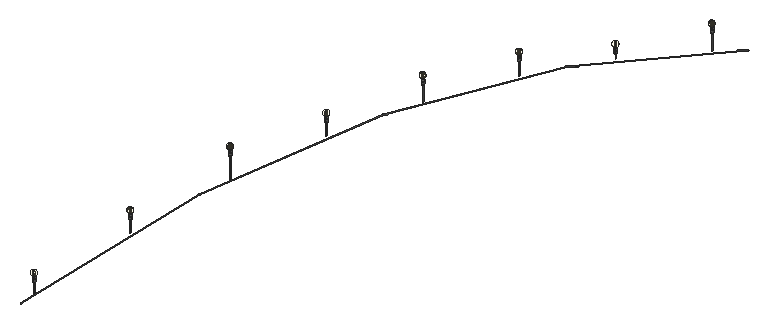
Revit family "String Lights", category Lighting Fixtures, host Face, Revit 2018
Family settings
  Host = Face
  Round Connector Dimension = Use Diameter
  Part Type = Normal
  Cut with Voids When Loaded = No
  Light Source = No
  Shared = No
  Room Calculation Point = No
Parameters
  String = Steel Lamp Post
  Length = 25' - 2 3/4"
  Fixture = Steel Lamp Post
  Fillament = FC - Fillament
  Default Elevation = 4' - 0"
  Bulb = FC - String Light Bulb
Reference planes (in)
  plane 1 "Center (Front/Back)": y = 0
  plane 2: z = 0
  plane 3 "Center (Left/Right)": x = 0
  plane 4: through (23.33047, 150.78544, 48) normal (0.2756, 0.9613, 0)
  plane 5: y = -151.375
  plane 6: z = 24
  plane 7: z = 33
  plane 8: y = 151.375
Forms (in)
  Sweep 1, solid, material "Steel Lamp Post" <- "String"
    path origin (41.7354, 145.54831, 0) x (0.275637, 0.961262, 0) y (0, 0, 1)
      loop
        arc (152.75, 0) -> (0.6875, 24.42941) -> (-151.375, 0) r 485.47629
    profile origin (41.9249, 146.20917, 24.42941) x (0, 0, -1) y (0.961262, -0.275637, 0)
      loop
        circle (0, 0) r 0.125
  Extrusion 2, solid, material "Steel Lamp Post" <- "String"
    sketch origin (1.65391, 5.76756, 0) x (0.961262, -0.275637, 0) y (0.275637, 0.961262, 0)
      loop
        circle (0, -0.25419) r 0.125
    from 1.79449 to 6.29177
  Extrusion 3, solid, material "Steel Lamp Post" <- "String"
    sketch origin (79.38365, 276.84336, 0) x (0.961262, -0.275637, 0) y (0.275637, 0.961262, 0)
      loop
        circle (0, 1.12081) r 0.125
    from 4.69981 to 11.66891
  Extrusion 4, solid, material "Steel Lamp Post" <- "String"
    sketch origin (12.75816, 44.49267, 0) x (0.961262, -0.275637, 0) y (0.275637, 0.961262, 0)
      loop
        circle (0, -0.25419) r 0.125
    from 12.69904 to 17.69909
  Extrusion 5, solid, material "Steel Lamp Post" <- "String"
    sketch origin (23.86241, 83.21779, 0) x (0.961262, -0.275637, 0) y (0.275637, 0.961262, 0)
      loop
        circle (0, 1.12081) r 0.125
    from 20.14016 to 29.11428
  Extrusion 6, solid, material "Steel Lamp Post" <- "String"
    sketch origin (34.96666, 121.9429, 0) x (0.961262, -0.275637, 0) y (0.275637, 0.961262, 0)
      loop
        circle (0, 1.12081) r 0.125
    from 23.83033 to 29.1085
  Extrusion 7, solid, material "Steel Lamp Post" <- "String"
    sketch origin (46.0709, 160.66801, 0) x (0.961262, -0.275637, 0) y (0.275637, 0.961262, 0)
      loop
        circle (0, 1.12081) r 0.125
    from 24.16101 to 30.76866
  Extrusion 8, solid, material "Steel Lamp Post" <- "String"
    sketch origin (57.17515, 199.39313, 0) x (0.961262, -0.275637, 0) y (0.275637, 0.961262, 0)
      loop
        circle (0, 1.12081) r 0.125
    from 21.13511 to 26.79816
  Extrusion 9, solid, material "Steel Lamp Post" <- "String"
    sketch origin (68.2794, 238.11824, 0) x (0.961262, -0.275637, 0) y (0.275637, 0.961262, 0)
      loop
        circle (0, 1.12081) r 0.125
    from 14.69873 to 16.70222
  Sweep 10, solid, material "Steel Lamp Post" <- "String", not visible
    path origin (0, 151.41383, 0) x (0, 1, 0) y (0, 0, 1)
      loop
        arc (152.75, 0) -> (0.6875, 24.42941) -> (-151.375, 0) r 485.47629
    profile origin (0, 152.10133, 24.42941) x (0, 0, -1) y (1, 0, 0)
      loop
        circle (0, 0) r 0.125
  Extrusion 11, solid, material "Steel Lamp Post" <- "String", not visible
    sketch origin (0, 6, 0) x (1, 0, 0) y (0, 1, 0)
      loop
        circle (0, -0.25419) r 0.125
    from 1.79449 to 6.29177
  Extrusion 12, solid, material "Steel Lamp Post" <- "String", not visible
    sketch origin (0, 288, 0) x (1, 0, 0) y (0, 1, 0)
      loop
        circle (0, 1.12081) r 0.125
    from 4.69981 to 11.66891
  Extrusion 13, solid, material "Steel Lamp Post" <- "String", not visible
    sketch origin (0, 46.28571, 0) x (1, 0, 0) y (0, 1, 0)
      loop
        circle (0, -0.25419) r 0.125
    from 12.69904 to 17.69909
  Extrusion 14, solid, material "Steel Lamp Post" <- "String", not visible
    sketch origin (0, 86.57143, 0) x (1, 0, 0) y (0, 1, 0)
      loop
        circle (0, 1.12081) r 0.125
    from 20.14016 to 29.11428
  Extrusion 15, solid, material "Steel Lamp Post" <- "String", not visible
    sketch origin (0, 126.85714, 0) x (1, 0, 0) y (0, 1, 0)
      loop
        circle (0, 1.12081) r 0.125
    from 23.83033 to 29.1085
  Extrusion 16, solid, material "Steel Lamp Post" <- "String", not visible
    sketch origin (0, 167.14286, 0) x (1, 0, 0) y (0, 1, 0)
      loop
        circle (0, 1.12081) r 0.125
    from 24.16101 to 30.76866
  Extrusion 17, solid, material "Steel Lamp Post" <- "String", not visible
    sketch origin (0, 207.42857, 0) x (1, 0, 0) y (0, 1, 0)
      loop
        circle (0, 1.12081) r 0.125
    from 21.13511 to 26.79816
  Extrusion 18, solid, material "Steel Lamp Post" <- "String", not visible
    sketch origin (0, 247.71429, 0) x (1, 0, 0) y (0, 1, 0)
      loop
        circle (0, 1.12081) r 0.125
    from 14.69873 to 16.70222
Dimensions and locks (in)
  plane 5 to plane 1 "Center (Front/Back)" = 12' - 7 3/8"
  aligned and locked: plane 2 to host face
  aligned and locked: level to host face
Nested families (in)
  nested 1: "String Bulb" at (1.58385, 5.52322, 6.29177) x (0.7765, 0.6301, 0) z (0, 0, 1), type "String Bulb"
  nested 2: "String Bulb" at (12.6881, 44.24833, 17.69909) x (0.1908, -0.9816, 0) z (0, 0, 1), type "String Bulb"
  nested 3: "String Bulb" at (24.17135, 84.29518, 29.11428) x (0.9613, -0.2756, 0) z (0, 0, 1), type "String Bulb"
  nested 4: "String Bulb" at (35.27725, 123.01982, 29.1085) x (-0.9613, -0.2756, 0) z (0, 0, 1), type "String Bulb"
  nested 5: "String Bulb" at (46.37984, 161.74541, 30.76866) x (-0.9336, 0.3584, 0) z (0, 0, 1), type "String Bulb"
  nested 6: "String Bulb" at (57.48409, 200.47052, 26.79816) x (0.2924, -0.9563, 0) z (0, 0, 1), type "String Bulb"
  nested 7: "String Bulb" at (68.58834, 239.19564, 16.70222) x (0.7986, 0.6018, 0) z (0, 0, 1), type "String Bulb"
  nested 8: "String Bulb" at (79.69258, 277.92075, 11.66891) x (-0.9659, 0.2588, 0) z (0, 0, 1), type "String Bulb"
  nested 9: "String Bulb" at (0, 5.74581, 6.29177), type "String Bulb", not visible
  nested 10: "String Bulb" at (0, 46.03153, 17.69909), type "String Bulb", not visible
  nested 11: "String Bulb" at (0.00001, 87.69224, 29.11428), type "String Bulb", not visible
  nested 12: "String Bulb" at (0.00173, 127.97796, 29.1085), type "String Bulb", not visible
  nested 13: "String Bulb" at (0, 168.26367, 30.76866), type "String Bulb", not visible
  nested 14: "String Bulb" at (0, 208.54939, 26.79816), type "String Bulb", not visible
  nested 15: "String Bulb" at (0, 248.8351, 16.70222), type "String Bulb", not visible
  nested 16: "String Bulb" at (0, 289.12081, 11.66891), type "String Bulb", not visible
  nested 17: "Studio Light" at (1.54373, 5.52322, -85.95284), type "120V"
  nested 18: "Studio Light" at (12.6881, 44.24833, -74.54552), type "120V"
  nested 19: "Studio Light" at (24.17135, 84.29518, -63.13032), type "120V"
  nested 20: "Studio Light" at (35.27725, 123.01982, -63.13032), type "120V"
  nested 21: "Studio Light" at (46.37984, 161.74541, -61.47595), type "120V"
  nested 22: "Studio Light" at (57.48409, 200.47052, -65.44645), type "120V"
  nested 23: "Studio Light" at (68.58834, 239.19564, -75.54239), type "120V"
  nested 24: "Studio Light" at (79.69258, 277.92075, -80.5757), type "120V"
Definition of nested family "String Bulb"
  Parameters (values of type "String Bulb")
    Fixture = none
    Fillament = none
    Default Elevation = 4' - 0"
    Bulb = none
  Reference planes (in)
    plane 1 "Center (Front/Back)": y = 0
    plane 2: z = 0
    plane 3 "Center (Left/Right)": x = 0
    plane 4: z = 3.75539
    plane 5: y = 0
  Forms (in)
    Extrusion 1, solid
      sketch origin (0, 0, 0) x (1, 0, 0) y (0, 1, 0)
        loop
          line (-48, 48) -> (-48, -48) -> (48, -48) -> (48, 48) -> (-48, 48)
      from 0 to -12
    Revolve 2, solid, material <- "Fixture"
      sketch origin (0, 0, 0) x (0, 1, 0) y (0, 0, 1)
        loop
          line (0, 0) -> (0, 2) -> (-0.5, 2)
          arc (-0.5, 2) -> (-0.5309, 1.96045) -> (-0.5, 1.92089) r 0.04077
          line (-0.5, 1.92089) -> (-0.5, 1.78955)
          arc (-0.5, 1.78955) -> (-0.4691, 1.75) -> (-0.5, 1.71045) r 0.04077
          line (-0.5, 1.71045) -> (-0.5, 1.53955)
          arc (-0.5, 1.53955) -> (-0.4691, 1.5) -> (-0.5, 1.46045) r 0.04077
          line (-0.5, 1.46045) -> (-0.5, 0.5)
          arc (-0.5, 0.5) -> (-0.39583, 0.1875) -> (-0.125, 0) r 0.52083
          line (-0.125, 0) -> (0, 0)
        axis (0, 2) -> (0, 0)
      angle from 0 to 360
    Revolve 3, solid, material <- "Bulb"
      sketch origin (0, 0, 0) x (0, 1, 0) y (0, 0, 1)
        loop
          line (-0.41518, 2) -> (-0.38393, 2) -> (-0.38393, 2.29565)
          arc (-0.38393, 2.29565) -> (-0.41677, 2.41743) -> (-0.50638, 2.50619) r 0.24224
          arc (-0.50638, 2.50619) -> (-1.2138, 3.72453) -> (-0.2993, 4.7962) r 1.21875
          arc (-0.2993, 4.7962) -> (-0.14045, 4.8625) -> (0, 4.96201) r 0.78039
          line (0, 4.96201) -> (0, 5.00454)
          arc (0, 5.00454) -> (-0.14305, 4.89694) -> (-0.30754, 4.82634) r 0.74914
          arc (-0.30754, 4.82634) -> (-1.24488, 3.72777) -> (-0.52067, 2.47837) r 1.25
          arc (-0.52067, 2.47837) -> (-0.44345, 2.40114) -> (-0.41518, 2.29565) r 0.21099
          line (-0.41518, 2.29565) -> (-0.41518, 2)
        axis (0, 5.00454) -> (0, 2)
      angle from 0 to 360
    Extrusion 4, solid, material <- "Fillament"
      sketch origin (0, 0, 0) x (0, -1, 0) y (0, 0, -1)
        loop
          line (-0.12453, -4.5) -> (-0.11427, -4.47048)
          arc (-0.11427, -4.47048) -> (-0.39114, -4.26281) -> (-0.49642, -3.93311) r 0.5689
          arc (-0.49642, -3.93311) -> (-0.42244, -3.09319) -> (-0.20279, -2.27914) r 4.8051
          line (-0.20279, -2.27914) -> (-0.23213, -2.26838)
          arc (-0.23213, -2.26838) -> (-0.45321, -3.08773) -> (-0.52767, -3.93311) r 4.83635
          arc (-0.52767, -3.93311) -> (-0.41661, -4.28092) -> (-0.12453, -4.5) r 0.60015
      from -0.01562 to 0.01562
    Extrusion 5, solid, material <- "Fillament"
      sketch origin (0, 0, 0) x (0, 1, 0) y (0, 0, -1)
        loop
          line (-0.12453, -4.5) -> (-0.11427, -4.47048)
          arc (-0.11427, -4.47048) -> (-0.39114, -4.26281) -> (-0.49642, -3.93311) r 0.5689
          arc (-0.49642, -3.93311) -> (-0.42244, -3.09319) -> (-0.20279, -2.27914) r 4.8051
          line (-0.20279, -2.27914) -> (-0.23213, -2.26838)
          arc (-0.23213, -2.26838) -> (-0.45321, -3.08773) -> (-0.52767, -3.93311) r 4.83635
          arc (-0.52767, -3.93311) -> (-0.41661, -4.28092) -> (-0.12453, -4.5) r 0.60015
      from -0.01562 to 0.01562
    Extrusion 6, solid, material <- "Fillament"
      sketch origin (0, 0, 0) x (-0.866025, -0.5, 0) y (0, 0, -1)
        loop
          line (-0.12453, -4.5) -> (-0.11427, -4.47048)
          arc (-0.11427, -4.47048) -> (-0.39114, -4.26281) -> (-0.49642, -3.93311) r 0.5689
          arc (-0.49642, -3.93311) -> (-0.42244, -3.09319) -> (-0.20279, -2.27914) r 4.8051
          line (-0.20279, -2.27914) -> (-0.23213, -2.26838)
          arc (-0.23213, -2.26838) -> (-0.45321, -3.08773) -> (-0.52767, -3.93311) r 4.83635
          arc (-0.52767, -3.93311) -> (-0.41661, -4.28092) -> (-0.12453, -4.5) r 0.60015
      from -0.01562 to 0.01562
    Extrusion 7, solid, material <- "Fillament"
      sketch origin (0, 0, 0) x (-0.866025, 0.5, 0) y (0, 0, -1)
        loop
          line (-0.12453, -4.5) -> (-0.11427, -4.47048)
          arc (-0.11427, -4.47048) -> (-0.39114, -4.26281) -> (-0.49642, -3.93311) r 0.5689
          arc (-0.49642, -3.93311) -> (-0.42244, -3.09319) -> (-0.20279, -2.27914) r 4.8051
          line (-0.20279, -2.27914) -> (-0.23213, -2.26838)
          arc (-0.23213, -2.26838) -> (-0.45321, -3.08773) -> (-0.52767, -3.93311) r 4.83635
          arc (-0.52767, -3.93311) -> (-0.41661, -4.28092) -> (-0.12453, -4.5) r 0.60015
      from -0.01562 to 0.01562
    Extrusion 8, solid, material <- "Fillament"
      sketch origin (0, 0, 0) x (0.866025, -0.5, 0) y (0, 0, 1)
        loop
          arc (-0.12453, 4.5) -> (-0.41661, 4.28092) -> (-0.52767, 3.93311) r 0.60015
          arc (-0.52767, 3.93311) -> (-0.45321, 3.08773) -> (-0.23213, 2.26838) r 4.83635
          line (-0.23213, 2.26838) -> (-0.20279, 2.27914)
          arc (-0.20279, 2.27914) -> (-0.42244, 3.09319) -> (-0.49642, 3.93311) r 4.8051
          arc (-0.49642, 3.93311) -> (-0.39114, 4.26281) -> (-0.11427, 4.47048) r 0.5689
          line (-0.11427, 4.47048) -> (-0.12453, 4.5)
      from -0.01562 to 0.01562
    Extrusion 9, solid, material <- "Fillament"
      sketch origin (0, 0, 0) x (0.866025, 0.5, 0) y (0, 0, 1)
        loop
          arc (-0.12453, 4.5) -> (-0.41661, 4.28092) -> (-0.52767, 3.93311) r 0.60015
          arc (-0.52767, 3.93311) -> (-0.45321, 3.08773) -> (-0.23213, 2.26838) r 4.83635
          line (-0.23213, 2.26838) -> (-0.20279, 2.27914)
          arc (-0.20279, 2.27914) -> (-0.42244, 3.09319) -> (-0.49642, 3.93311) r 4.8051
          arc (-0.49642, 3.93311) -> (-0.39114, 4.26281) -> (-0.11427, 4.47048) r 0.5689
          line (-0.11427, 4.47048) -> (-0.12453, 4.5)
      from -0.01562 to 0.01562
  Dimensions and locks (in)
    aligned and locked: plane 2 to Extrusion 1
    aligned and locked: level to Extrusion 1
Definition of nested family "Studio Light"
  Parameters (values of type "277V")
    Wattage Comments = "100"
    Wattage = 100 W
    built-in parameter 1150110 = 1 (stored number, unit not read)
    built-in parameter 1114217 = 1 (stored number, unit not read)
    built-in parameter 1150109 = 1 (stored number, unit not read)
    built-in parameter 1150134 = 12
    built-in parameter 1150113 = 1 (stored number, unit not read)
    built-in parameter 1150115 = 1 (stored number, unit not read)
    built-in parameter 1150105 = 565.8 (stored number, unit not read)
    Light Source Symbol Size = 2' - 0"
    built-in parameter 1150137 = 1
    built-in parameter 1150139 = (empty or 0)
    built-in parameter 1150112 = 1 (stored number, unit not read)
    built-in parameter 1150114 = 1 (stored number, unit not read)
    built-in parameter 1150132 = (empty or 0)
    built-in parameter 1150102 = (empty or 0)
    built-in parameter 1150138 = (empty or 0)
    built-in parameter 1150107 = 4000 (stored number, unit not read)
    built-in parameter 1150106 = 5.658 (stored number, unit not read)
    built-in parameter 1150104 = 6.6054 (stored number, unit not read)
    Dimming Lamp Color Temperature Shift = (empty or 0)
    Default Height = 8' - 0"
    Lumens = 7110 lm
    Color Filter = 16777215
    Ballast Voltage = 277 V
    Ballast Number of Poles = 1
    built-in parameter 1114218 = 1 (stored number, unit not read)
    built-in parameter 1150133 = 10 (stored number, unit not read)
    Apparent Load = 100 VA
  Types (2): name | Wattage | built-in parameter 1150134 | built-in parameter 1150105 | Light Source Symbol Size | built-in parameter 1150107 | built-in parameter 1150106 | Lumens | Ballast Voltage
    120V | 200 W | 4 | 1131.6 (stored number, unit not read) | 0' - 3" | 2800 (stored number, unit not read) | 11.316 (stored number, unit not read) | 14220 lm | 120 V
    277V | 100 W | 12 | 565.8 (stored number, unit not read) | 2' - 0" | 4000 (stored number, unit not read) | 5.658 (stored number, unit not read) | 7110 lm | 277 V
  Reference planes (in)
    plane 1 "Light Source Axis": y = 0
    plane 2: z = 0
    plane 3 "Light Source Axis": x = 0
    plane 4 "Light Source Elevation": z = 96
    plane 5: z = 96.5
  Lines and regions (in)
    symbolic lines
      curve 1: arc (12, 0, 96) -> (0, -12, 96) -> (-12, 0, 96) r 12
      curve 2: arc (-12, 0, 96) -> (0, 12, 96) -> (12, 0, 96) r 12
  Dimensions and locks (in)
    "Default Height": plane 2 to plane 4 "Light Source Elevation"
    plane 5 to plane 4 "Light Source Elevation" = 0' - 0 1/2"
    aligned and locked: plane 3 "Light Source Axis" to imposter light
    aligned and locked: plane 1 "Light Source Axis" to imposter light
    aligned and locked: plane 4 "Light Source Elevation" to imposter light
    aligned and locked: plane 1 "Light Source Axis" to curve 2
    aligned and locked: plane 3 "Light Source Axis" to curve 2
  Automatic sketch dimensions
    curve 1 to plane 3 "Light Source Axis" = 1' - 0"
